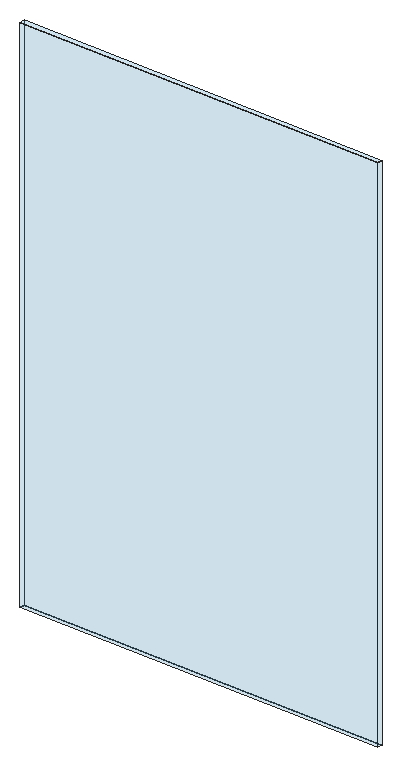
Revit family "66d3c5419ed24343b5490d2f3d026e96", category Curtain Panels, Revit 2021
Family settings
  OmniClass Number = 23.25.20.14.11.11.17
  OmniClass Title = Infill Panels
  Seek Item ID = Glazed Panel-0000-USA-ENU
  Always vertical = Yes
  Cut with Voids When Loaded = No
  Shared = No
Parameters (values of type "Glazed Panel")
  Visual Light Transmittance = 0.9
  Thickness = 0' - 1"
  Solar Heat Gain Coefficient = 0.78
  Define Thermal Properties by = Schematic Type
  Construction Type Id = ""
  Heat Transfer Coefficient (U) = 0.6496 BTU/(h·ft²·°F)
  Assembly Code = "B2020200"
  Glazing Material = Glass
  Offset = 0' - 1 1/2"
  Analytic Construction = 1/8 in Pilkington single glazing
Reference planes (in)
  plane 1: y = 0
  plane 2: z = 0
  plane 3: x = 0
  plane 4: x = -32.75106
  plane 5: x = 32.75106
  plane 6: z = 96
Forms (in)
  Extrusion 1, solid, material "Glass" <- "Glazing Material"
    sketch origin (0, 0, 0) x (1, 0, 0) y (0, 1, 0)
      loop
        line (-32.75106, 0.5) -> (32.75106, 0.5) -> (32.75106, 1.5) -> (-32.75106, 1.5) -> (-32.75106, 0.5)
    from 0 to 96
Lines and regions (in)
  symbolic lines, style "Glass"
    curve 1: line (-32.75106, 1.5, 0) -> (32.75106, 1.5, 0)
Text (in)
  text "Exterior" at (-52.30548, 24.87723, 0), in view "Base Line"
Dimensions and locks (in)
  equal spacing: plane 4, plane 3, plane 5
  "Offset": plane 1 to Extrusion 1 sketch curve
  "Thickness": Extrusion 1 sketch curve to Extrusion 1 sketch curve
  locked: curve 1 to Extrusion 1
  aligned and locked: plane 4 to curve 1
  aligned and locked: plane 5 to curve 1
  aligned and locked: plane 5 to Extrusion 1 sketch curve
  aligned and locked: Extrusion 1 sketch curve to plane 5
  aligned and locked: Extrusion 1 to level
  aligned and locked: Extrusion 1 to plane 6
Automatic sketch dimensions
  Extrusion 1 sketch curve to plane 4 = 0' - 0"
